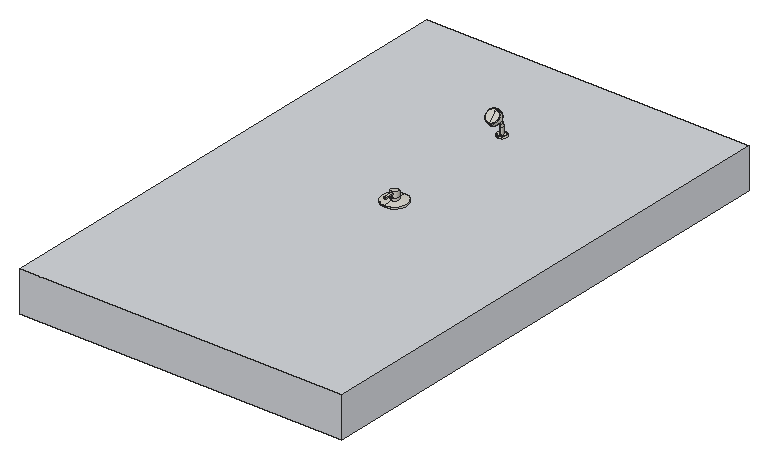
Revit family "Trim_Kit_Shower-GROHE-Concetto-35075_Series _copy", category Plumbing Fixtures, host Face, Revit 2014
Parameters (values of type "35075ENA")
  Width = 6 11/16"  # constant formula
  Waste Connection = no
  Warranty Documentation Link = "https://cdn.cloud.grohe.com/tpi/1000/1900/1940/1949/1949006/original/1949006.pdf"
  WFU = 2  # constant formula
  Vent Connection = no
  URL = "https://www.grohe.com"
  Type Comments = ""
  Tempered Connection Radius = Tempered Connection Diameter / 2  # 1/4"
  Tempered Connection Diameter = Hot Water Connection Diameter  # 1/2"
  Product Page URL = "https://www.grohe.ca/en_ca/grohe-concetto-shower-combination-35075ENA.html"
  Price = "Prices may vary. Please consult Manufacturer Representative for most up-to-date price list."  # constant formula
  Model = "35075ENA"
  Material = "Metal-Grohe-EN1-Brushed Nickel"
  Manufacturer = "Grohe"  # constant formula
  Length = 2 15/16"  # constant formula
  Installation Type = "Wall Mounted"  # constant formula
  Hot Water Connection Radius = Hot Water Connection Diameter / 2  # 1/4"
  Hot Water Connection Diameter = Cold Water Connection Diameter  # 1/2"
  Height = 40"  # constant formula
  HWFU = 1.5  # constant formula
  HW Connection = yes
  Flow Rate = "1.75 gpm (6.6 L/min)"  # constant formula
  Finish = Metal-Grohe-EN1-Brushed Nickel
  Description = "Concetto Pressure Balance Valve Shower Combination"  # constant formula
  Default Elevation = 39"  # constant formula
  Creation Date = "7/10/2019"  # constant formula
  Cold Water Connection Radius = 1/4"  # constant formula
  Cold Water Connection Diameter = Cold Water Connection Radius * 2  # 1/2"
  CWFU = 1.5  # constant formula
  CW Connection = yes
  Assembly Code = "D2010710"
  ADA Compliant = no
Types (2): name | Product Page URL | Model
  35075EN1 | "https://www.grohe.ca/en_ca/grohe-concetto-shower-combination-35075EN1.html" | "35075EN1"
  35075ENA | "https://www.grohe.ca/en_ca/grohe-concetto-shower-combination-35075ENA.html" | "35075ENA"
Reference planes (in)
  plane 1 "Center (Front/Back)": y = 0
  plane 2: z = 0
  plane 3 "Center (Left/Right)": x = 0
  plane 4: z = 2.68355
  plane 5: z = 2.23466
  plane 6: y = 40
  plane 7: z = 6.75
  plane 8: y = 36.5
  plane 9: z = 0.8125
Forms (in)
  Extrusion 1, solid
    sketch origin (0, 0, 0) x (1, 0, 0) y (0, 1, 0)
      loop
        line (-48, 72) -> (-48, -79.70833) -> (48, -79.70833) -> (48, 72) -> (-48, 72)
    from 0 to -12
  Revolve 2, solid, material "Metal-Grohe-EN1-Brushed Nickel" <- "Finish"
    sketch origin (0, 0, 0) x (0, 1, 0) y (0, 0, 1)
      loop
        line (1.11633, 1.4079) -> (1.025, 1.4079) -> (0.99546, 1.47124) -> (1.09216, 1.47124) -> (1.11633, 1.4954) -> (1.07948, 3.60602) -> (0, 3.60602) -> (0, 0) -> (1.11633, 0) -> (1.11633, 1.4079)
      axis (0, 3.60602) -> (0, 0)
    angle from 0 to 360
  Extrusion 3, void
    sketch origin (0, 0, 0) x (0, 1, 0) y (0, 0, 1)
      loop
        line (1.34438, 2.58954) -> (1.34438, 3.8541) -> (-1.40562, 3.8541) -> (-1.40562, 3.03645)
        arc (-1.40562, 3.03645) -> (-0.01538, 2.90676) -> (1.34438, 2.58954) r 10.26165
      loop
        line (-3.5915, 2.014) -> (-3.7242, 2.764) -> (-4.64455, 2.764) -> (-4.64455, 2.014) -> (-3.5915, 2.014)
    from -1.36469 to 1.35107
  Extrusion 4, solid, material "Metal-Grohe-EN1-Brushed Nickel" <- "Finish"
    sketch origin (0, 0, 0) x (1, 0, 0) y (0, 0, 1)
      loop
        circle (0, 2.4589) r 0.22424
    from 0 to 4.41223
  Revolve 5, solid, material "Metal-Grohe-EN1-Brushed Nickel" <- "Finish"
    sketch origin (0, 19.59538, 0) x (0, 1, 0) y (0, 0, 1)
      loop
        arc (21.70814, 0.36609) -> (21.68753, 0.39848) -> (21.65257, 0.41433) r 0.06732
        arc (21.65257, 0.41433) -> (21.03005, 0.4783) -> (20.40462, 0.49966) r 9.16753
        line (20.40462, 0.49966) -> (20.40462, 0) -> (21.81252, 0) -> (21.70814, 0.36609)
      axis (20.40462, 0.49966) -> (20.40462, 0)
    angle from 0 to 360
  Sweep 6, solid, material "Metal-Grohe-EN1-Brushed Nickel" <- "Finish"
    path origin (0, 19.59538, 0) x (0, 1, 0) y (0, 0, 1)
      loop
        line (20.40462, 0.18998) -> (20.40462, 2.61518)
        arc (20.40462, 2.61518) -> (20.28944, 3.1942) -> (19.96145, 3.68508) r 1.51306
        line (19.96145, 3.68508) -> (18.37046, 5.27607)
    profile origin (0, 40, 1.40258) x (0, -1, 0) y (1, 0, 0)
      loop
        circle (0, 0) r 0.42643
  Revolve 7, solid, material "Metal-Grohe-EN1-Brushed Nickel" <- "Finish"
    sketch origin (0, 19.59538, 0) x (0, 1, 0) y (0, 0, 1)
      loop
        line (16.89579, 6.75074) -> (18.38296, 5.26357) -> (18.71584, 5.59645)
        arc (18.71584, 5.59645) -> (18.72441, 5.61712) -> (18.71584, 5.63779) r 0.02923
        line (18.71584, 5.63779) -> (18.47074, 5.88289) -> (18.4353, 5.84745) -> (18.39897, 5.88378) -> (18.49176, 5.97657) -> (18.36374, 6.10459)
        arc (18.36374, 6.10459) -> (18.33334, 6.17635) -> (18.36141, 6.24905) r 0.10385
        line (18.36141, 6.24905) -> (19.19202, 7.13508)
        arc (19.19202, 7.13508) -> (19.21349, 7.18691) -> (19.19202, 7.23874) r 0.0733
        line (19.19202, 7.23874) -> (18.33294, 8.09783)
        arc (18.33294, 8.09783) -> (18.2879, 8.11648) -> (18.24287, 8.09783) r 0.06368
        line (18.24287, 8.09783) -> (16.89579, 6.75074)
      axis (18.38296, 5.26357) -> (16.89579, 6.75074)
    angle from 0 to 360
  Extrusion 8, solid, material "Metal-Grohe-EN1-Brushed Nickel" <- "Finish"
    sketch origin (0, 0, 0) x (1, 0, 0) y (0, 1, 0)
      loop
        circle (-0.54724, 0) r 0.25
      loop
        circle (0.54724, 0) r 0.25
    from 0 to 0.0625
  Extrusion 9, solid, material "Metal-Grohe-EN1-Brushed Nickel" <- "Finish"
    sketch origin (0, 0, 0) x (1, 0, 0) y (0, 1, 0)
      loop
        spline (0, -3.65625) -> (0.94631, -3.53167) -> (1.82813, -3.16641) -> (2.58536, -2.58536) -> (3.16641, -1.82813) -> (3.53167, -0.94631) -> (3.65625, 0) -> (3.53167, 0.94631) -> (3.16641, 1.82812) -> (2.58536, 2.58536) -> (1.82813, 3.16641) -> (0.94631, 3.53167) -> (0, 3.65625)
        spline (0, 3.65625) -> (-0.94631, 3.53167) -> (-1.82812, 3.16641) -> (-2.58536, 2.58536) -> (-3.16641, 1.82812) -> (-3.53167, 0.94631) -> (-3.65625, 0) -> (-3.53167, -0.94631) -> (-3.16641, -1.82813) -> (-2.58536, -2.58536) -> (-1.82812, -3.16641) -> (-0.94631, -3.53167) -> (0, -3.65625)
    from 0 to 0.8125
  Revolve 10, void
    sketch origin (0, 0, 0) x (0, 1, 0) y (0, 0, 1)
      loop
        line (0.9361, 0.90029) -> (0.9361, 0.75846)
        arc (0.9361, 0.75846) -> (2.39495, 0.5959) -> (3.8252, 0.26566) r 12.66715
        line (3.8252, 0.26566) -> (3.8252, 0.90029) -> (0.9361, 0.90029)
      axis (0, 0.26566) -> (0, 0.90029)
    angle from 0 to 360
Cuts and joins
  Extrusion 3 cuts Revolve 2
  Extrusion 3 cuts Extrusion 4
  Revolve 10 cuts Extrusion 9
  joined: Revolve 2, Extrusion 4, Revolve 5, Sweep 6, Extrusion 8, Extrusion 9
Lines and regions (in)
  Masking region 1
    outline origin (0, 0, 0) x (1, 0, 0) y (0, 0, 1)
      loop
        arc (3.65586, 0.33439) -> (2.40029, 0.59724) -> (1.12667, 0.75031) r 14.78995
        line (1.12667, 0.75031) -> (1.12667, 1.4079) -> (1.025, 1.4079) -> (0.99546, 1.47124) -> (1.09216, 1.47124) -> (1.11633, 1.4954) -> (1.0917, 2.90622)
        arc (1.0917, 2.90622) -> (1.08043, 2.92617) -> (1.06274, 2.94073) r 0.06262
        arc (1.06274, 2.94073) -> (0.99729, 2.96845) -> (0.92752, 2.98207) r 0.34233
        arc (0.92752, 2.98207) -> (0.78931, 2.99502) -> (0.65122, 3.00929) r 14.56391
        line (0.65122, 3.00929) -> (0.42643, 3.00929) -> (0.42643, 4.479)
        arc (0.42643, 4.479) -> (1.14476, 4.69878) -> (1.72866, 5.17141) r 1.97061
        arc (1.72866, 5.17141) -> (1.89404, 5.44237) -> (1.97163, 5.75019) r 1.05828
        line (1.97163, 5.75019) -> (1.97163, 6.68642)
        arc (1.97163, 6.68642) -> (1.86946, 7.15376) -> (1.58159, 7.53582) r 1.11991
        arc (1.58159, 7.53582) -> (0.04985, 8.10915) -> (-1.50405, 7.59889) r 2.46807
        arc (-1.50405, 7.59889) -> (-1.84228, 7.20163) -> (-1.96382, 6.69423) r 1.11991
        line (-1.96382, 6.69423) -> (-1.96382, 5.75019)
        arc (-1.96382, 5.75019) -> (-1.88623, 5.44237) -> (-1.72085, 5.17141) r 1.05828
        arc (-1.72085, 5.17141) -> (-1.14042, 4.70063) -> (-0.42643, 4.47984) r 1.97061
        line (-0.42643, 4.47984) -> (-0.42643, 3.00929) -> (-0.65122, 3.00929)
        arc (-0.65122, 3.00929) -> (-0.78931, 2.99502) -> (-0.92752, 2.98207) r 14.56391
        arc (-0.92752, 2.98207) -> (-0.99729, 2.96845) -> (-1.06274, 2.94073) r 0.34233
        arc (-1.06274, 2.94073) -> (-1.08043, 2.92617) -> (-1.0917, 2.90622) r 0.06262
        line (-1.0917, 2.90622) -> (-1.11633, 1.4954) -> (-1.09216, 1.47124) -> (-0.99546, 1.47124) -> (-1.025, 1.4079) -> (-1.12663, 1.4079) -> (-1.12663, 0.75026)
        arc (-1.12663, 0.75026) -> (-2.39989, 0.59719) -> (-3.65511, 0.33439) r 14.78995
        line (-3.65511, 0.33439) -> (-3.65511, 0) -> (3.65586, 0) -> (3.65586, 0.33439)
  symbolic lines, detail levels medium+fine
    curve 1: line (1.4079, 0, 0) -> (1.31289, 0, 0.32466)
    curve 2: arc (1.2164, 0, 0.40816) -> (0.82228, 0, 0.45481) -> (0.42643, 0, 0.48338) r 8.67483
    curve 3: line (0.42643, 0, 0.48338) -> (0.42643, 0, 3.00929)
    curve 4: line (-0.42643, 0, 0.48338) -> (-0.42643, 0, 3.00929)
    curve 5: line (-1.4079, 0, 0) -> (-1.33698, 0, 0.24236)
    curve 7: arc (-0.42643, 0, 0.48338) -> (-0.77866, 0, 0.45885) -> (-1.12959, 0, 0.42001) r 8.67483
    curve 36: line (0.42643, 0, 4.48887) -> (0.42643, 0, 5.27607)
    curve 37: line (-0.42643, 0, 4.48887) -> (-0.42643, 0, 5.27607)
  symbolic lines, detail levels fine
    curve 6: arc (0.42643, 0, 0.48338) -> (0, 0, 0.49387) -> (-0.42643, 0, 0.48338) r 8.67483
    curve 8: line (1.025, 0, 1.4079) -> (0.42643, 0, 1.4079)
    curve 9: line (0.99546, 0, 1.47124) -> (0.42643, 0, 1.47124)
    curve 10: line (0.65122, 0, 3.00929) -> (0.42643, 0, 3.00929)
    curve 11: line (-1.025, 0, 1.4079) -> (-0.42643, 0, 1.4079)
    curve 12: line (-0.99546, 0, 1.47124) -> (-0.42643, 0, 1.47124)
    curve 13: line (-0.65122, 0, 3.00929) -> (-0.42643, 0, 3.00929)
    curve 14: spline (0, 0, 5.88289) -> (0.06526, 0, 5.87987) -> (0.12941, 0, 5.87085) -> (0.19134, 0, 5.85598) -> (0.25, 0, 5.83553) -> (0.30438, 0, 5.80983) -> (0.35355, 0, 5.77934) -> (0.39668, 0, 5.74457) -> (0.43301, 0, 5.70612) -> (0.46194, 0, 5.66464) -> (0.48296, 0, 5.62085) -> (0.49572, 0, 5.57549) -> (0.5, 0, 5.52934)
    curve 15: spline (0, 0, 5.97657) -> (0.10144, 0, 5.97027) -> (0.19976, 0, 5.95153) -> (0.29195, 0, 5.92095) -> (0.37517, 0, 5.87946) -> (0.44687, 0, 5.82834) -> (0.50485, 0, 5.76915) -> (0.54733, 0, 5.70371) -> (0.57301, 0, 5.63403) -> (0.58108, 0, 5.56226) -> (0.57132, 0, 5.49058) -> (0.54401, 0, 5.42122) -> (0.5, 0, 5.35629)
    curve 16: line (0.5811, 0, 5.56567) -> (0.5811, 0, 5.73658)
    curve 17: arc (0.5811, 0, 5.73658) -> (0.35669, 0, 6.03061) -> (0, 0, 6.12854) r 0.57841
    curve 18: line (0.5, 0, 5.52934) -> (0.5, 0, 5.26369)
    curve 19: arc (-0.5811, 0, 5.73658) -> (-0.35669, 0, 6.03061) -> (0, 0, 6.12854) r 0.57841
    curve 20: spline (0, 0, 5.88289) -> (-0.06526, 0, 5.87987) -> (-0.12941, 0, 5.87085) -> (-0.19134, 0, 5.85598) -> (-0.25, 0, 5.83553) -> (-0.30438, 0, 5.80983) -> (-0.35355, 0, 5.77934) -> (-0.39668, 0, 5.74457) -> (-0.43301, 0, 5.70612) -> (-0.46194, 0, 5.66464) -> (-0.48296, 0, 5.62085) -> (-0.49572, 0, 5.57549) -> (-0.5, 0, 5.52934)
    curve 21: spline (0, 0, 5.97657) -> (-0.10144, 0, 5.97027) -> (-0.19976, 0, 5.95153) -> (-0.29195, 0, 5.92095) -> (-0.37517, 0, 5.87946) -> (-0.44687, 0, 5.82834) -> (-0.50485, 0, 5.76915) -> (-0.54733, 0, 5.70371) -> (-0.57301, 0, 5.63403) -> (-0.58108, 0, 5.56226) -> (-0.57132, 0, 5.49058) -> (-0.54401, 0, 5.42122) -> (-0.5, 0, 5.35629)
    curve 22: line (-0.5, 0, 5.52934) -> (-0.5, 0, 5.26369)
    curve 23: line (-0.5811, 0, 5.56567) -> (-0.5811, 0, 5.73658)
    curve 24: arc (0.5, 0, 5.26369) -> (0.47503, 0, 5.17495) -> (0.42643, 0, 5.0966) r 0.32933
    curve 25: spline (0.42643, 0, 5.27607) -> (0.4119, 0, 5.35411) -> (0.3693, 0, 5.42683) -> (0.30153, 0, 5.48928) -> (0.21322, 0, 5.5372) -> (0.11037, 0, 5.56732) -> (0, 0, 5.5776) -> (-0.11037, 0, 5.56732) -> (-0.21322, 0, 5.5372) -> (-0.30153, 0, 5.48928) -> (-0.3693, 0, 5.42683) -> (-0.4119, 0, 5.35411) -> (-0.42643, 0, 5.27607)
    curve 26: arc (-0.5, 0, 5.26369) -> (-0.47503, 0, 5.17495) -> (-0.42643, 0, 5.0966) r 0.32933
    curve 27: spline (0, 0, 7.13508) -> (0.45587, 0, 7.09574) -> (0.88498, 0, 6.98003) -> (1.26214, 0, 6.79473) -> (1.5652, 0, 6.55074) -> (1.77637, 0, 6.26236) -> (1.88326, 0, 5.94654) -> (1.8796, 0, 5.62181) -> (1.76559, 0, 5.30723) -> (1.54793, 0, 5.02128) -> (1.23939, 0, 4.78074) -> (0.8581, 0, 4.59972) -> (0.42643, 0, 4.48887)
    curve 28: spline (-0.42643, 0, 4.48887) -> (-0.8581, 0, 4.59972) -> (-1.23939, 0, 4.78074) -> (-1.54793, 0, 5.02128) -> (-1.76559, 0, 5.30723) -> (-1.8796, 0, 5.62181) -> (-1.88326, 0, 5.94654) -> (-1.77637, 0, 6.26236) -> (-1.5652, 0, 6.55074) -> (-1.26214, 0, 6.79473) -> (-0.88498, 0, 6.98003) -> (-0.45587, 0, 7.09574) -> (0, 0, 7.13508)
    curve 29: arc (1.31289, 0, 0.32466) -> (1.27694, 0, 0.38062) -> (1.2164, 0, 0.40816) r 0.11774
    curve 30: arc (-1.12959, 0, 0.42001) -> (-1.25968, 0, 0.362) -> (-1.33698, 0, 0.24236) r 0.25
    curve 31: line (1.11633, 0, 0.74761) -> (0.42643, 0, 0.74761)
    curve 32: line (-1.11633, 0, 0.74761) -> (-0.42643, 0, 0.74761)
    curve 33: arc (1.0917, 0, 2.90622) -> (1.08585, 0, 2.88483) -> (1.07139, 0, 2.86801) r 0.05045
    curve 34: arc (1.07139, 0, 2.86801) -> (0.9726, 0, 2.80912) -> (0.86398, 0, 2.7713) r 0.5688
    curve 35: arc (0.86398, 0, 2.7713) -> (0.64629, 0, 2.72576) -> (0.42643, 0, 2.6923) r 4.03197
    curve 38: arc (-1.07139, 0, 2.86801) -> (-0.9726, 0, 2.80912) -> (-0.86398, 0, 2.7713) r 0.5688
    curve 39: arc (-0.86398, 0, 2.7713) -> (-0.64629, 0, 2.72576) -> (-0.42643, 0, 2.6923) r 4.03197
Dimensions and locks (in)
  plane 1 "Center (Front/Back)" to plane 6 = 40"
  plane 7 to Extrusion 1 = 6 3/4"
  plane 6 to plane 8 = 3 1/2"
  plane 9 to Extrusion 1 = 13/16"
  "Hot Water Connection Diameter": diameter of Extrusion 8 sketch curve
  "Cold Water Connection Diameter": diameter of Extrusion 8 sketch curve
  aligned and locked: plane 2 to Extrusion 1
  aligned and locked: level to Extrusion 1
  aligned and locked: plane 9 to Extrusion 9
  aligned and locked: Revolve 10 sketch curve to plane 1 "Center (Front/Back)"
Automatic sketch dimensions
  Extrusion 1 sketch curve to Extrusion 1 sketch curve = 96"
  Extrusion 1 sketch curve to Extrusion 1 sketch curve = 151.70833"
  plane 4 to Extrusion 3 sketch curve = 0.08044"
  plane 1 "Center (Front/Back)" to Extrusion 3 sketch curve = 4.64455"
  Extrusion 3 sketch curve to Extrusion 3 sketch curve = 0.92035"
  Extrusion 3 sketch curve to plane 5 = 0.22066"
  Extrusion 3 sketch curve to Extrusion 3 sketch curve = 0.1327"
  plane 1 "Center (Front/Back)" to Extrusion 3 sketch curve = 1.66147"
  plane 1 "Center (Front/Back)" to Extrusion 3 sketch curve = 1.40562"
  Extrusion 3 sketch curve to plane 4 = 0.09402"
  Extrusion 3 sketch curve to plane 1 "Center (Front/Back)" = 1.34438"
  Extrusion 3 sketch curve to level = 7.22201"
  plane 4 to Extrusion 3 sketch curve = 1.17055"
  Extrusion 4 sketch curve to plane 3 "Center (Left/Right)" = 0"
  plane 5 to Extrusion 4 sketch curve = 0.22424"
  Revolve 5 sketch curve to level = 0"  (x2)
  Revolve 5 sketch curve to plane 6 = 0"  (x3)
  level to Revolve 5 sketch curve = 0.34764"
  plane 6 to Revolve 5 sketch curve = 1.23879"
  level to Revolve 5 sketch curve = 0.36609"
  Revolve 5 sketch curve to Revolve 5 sketch curve = 0.06474"
  Revolve 5 sketch curve to Revolve 5 sketch curve = 0.10438"
  Revolve 5 sketch curve to Revolve 5 sketch curve = 8.66786"
  level to Revolve 5 sketch curve = 0.49966"
  Revolve 5 sketch curve to Revolve 5 sketch curve = 0.44101"
  Sweep 6 sketch curve to profile plane = 0"  (x2)
  plane 1 "Center (Front/Back)" to Extrusion 8 sketch curve = 0"  (x2)
  Extrusion 8 sketch curve to plane 3 "Center (Left/Right)" = 0.54724"
  plane 3 "Center (Left/Right)" to Extrusion 8 sketch curve = 0.54724"
  plane 7 to Revolve 7 sketch curve = 0.00074"
  plane 8 to Revolve 7 sketch curve = 0.00883"
  Revolve 7 sketch curve to plane 8 = 1.33826"
  Revolve 7 sketch curve to Revolve 7 sketch curve = 0.04503"  (x3)
  Revolve 7 sketch curve to plane 7 = 0.50095"
  Revolve 7 sketch curve to plane 8 = 1.45679"
  Revolve 7 sketch curve to plane 7 = 0.64541"
  Revolve 7 sketch curve to Revolve 7 sketch curve = 0.00233"
  Revolve 7 sketch curve to Revolve 7 sketch curve = 0.01922"
  Revolve 7 sketch curve to Revolve 7 sketch curve = 0.03523"
  Revolve 7 sketch curve to plane 7 = 0.90255"
  Revolve 7 sketch curve to Revolve 7 sketch curve = 0.03633"
  Revolve 7 sketch curve to Revolve 7 sketch curve = 0.07343"
  Revolve 7 sketch curve to plane 7 = 0.86711"
  Revolve 7 sketch curve to Revolve 7 sketch curve = 0.03544"
  Revolve 7 sketch curve to Revolve 7 sketch curve = 0.25987"
  Revolve 7 sketch curve to plane 7 = 1.15355"
  Revolve 7 sketch curve to Revolve 7 sketch curve = 0.02067"
  Revolve 7 sketch curve to plane 7 = 1.11221"
  plane 7 to Revolve 7 sketch curve = 0.43691"
  Revolve 7 sketch curve to Revolve 7 sketch curve = 0.85228"
  plane 7 to Revolve 7 sketch curve = 0.38508"
  Revolve 7 sketch curve to Revolve 7 sketch curve = 0.05183"
  plane 7 to Revolve 7 sketch curve = 0.48874"
  plane 8 to Revolve 7 sketch curve = 0.27003"
  Revolve 7 sketch curve to Revolve 7 sketch curve = 0.35355"  (x2)
  plane 7 to Revolve 7 sketch curve = 0.26195"
  Sweep 6 sketch curve to plane 6 = 0"
  Sweep 6 sketch curve to plane 6 = 0.44316"
  Sweep 6 sketch curve to plane 4 = 0.06837"
  Sweep 6 sketch curve to Sweep 6 sketch curve = 1.51306"
  Sweep 6 sketch curve to plane 6 = 2.03415"
  level to Sweep 6 sketch curve = 0.18998"
  Sweep 6 sketch curve to Sweep 6 sketch curve = 1.59099"
  Revolve 2 sketch curve to plane 1 "Center (Front/Back)" = 0"  (x2)
  Revolve 2 sketch curve to level = 0"
  Revolve 2 sketch curve to plane 1 "Center (Front/Back)" = 0.99546"
  Revolve 2 sketch curve to Revolve 2 sketch curve = 0.02953"
  Revolve 2 sketch curve to Revolve 2 sketch curve = 1.07948"
  Revolve 2 sketch curve to Revolve 2 sketch curve = 0.06716"
  Revolve 2 sketch curve to Revolve 2 sketch curve = 0.02417"  (x3)
  Revolve 2 sketch curve to plane 5 = 0.82675"
  Revolve 2 sketch curve to Revolve 2 sketch curve = 0.06333"
  Revolve 2 sketch curve to Revolve 2 sketch curve = 1/2"
  Revolve 2 sketch curve to Revolve 2 sketch curve = 1/4"
  plane 4 to Revolve 2 sketch curve = 0.92246"
  plane 1 "Center (Front/Back)" to Extrusion 9 sketch curve = 0"
  Extrusion 9 sketch curve to plane 3 "Center (Left/Right)" = 0"
  plane 1 "Center (Front/Back)" to Extrusion 9 sketch curve = 3 21/32"
  curve 2 to curve 6 = 0"  (x2)
  curve 2 to curve 7 = 0"  (x2)
  curve 6 to curve 7 = 0"  (x2)
  curve 5 to level = 0"
  curve 27 to plane 3 "Center (Left/Right)" = 0"
  curve 17 to plane 3 "Center (Left/Right)" = 0"
  curve 20 to plane 3 "Center (Left/Right)" = 0"
  curve 15 to plane 3 "Center (Left/Right)" = 0"
  curve 7 to plane 3 "Center (Left/Right)" = 0"
  curve 25 to plane 3 "Center (Left/Right)" = 0"
  curve 1 to level = 0"
  curve 19 to plane 3 "Center (Left/Right)" = 0.03325"
  curve 35 to plane 3 "Center (Left/Right)" = 0.07005"
  curve 26 to plane 3 "Center (Left/Right)" = 0.17362"
  curve 4 to plane 3 "Center (Left/Right)" = 0.42643"
  curve 37 to curve 26 = 0.25281"
  curve 22 to curve 37 = 0.07357"
  curve 23 to curve 20 = 0.0811"
  curve 38 to curve 4 = 0.30578"
  level to curve 30 = 0.17214"
  curve 30 to curve 7 = 0.67061"
  level to curve 5 = 0.24236"
  curve 5 to curve 30 = 0.23994"
  plane 3 "Center (Left/Right)" to curve 17 = 0.03325"
  plane 3 "Center (Left/Right)" to curve 39 = 0.07005"
  plane 3 "Center (Left/Right)" to curve 24 = 0.17362"
  plane 3 "Center (Left/Right)" to curve 10 = 0.42643"
  curve 25 to curve 18 = 0.07357"
  curve 18 to curve 16 = 0.0811"
  curve 3 to curve 34 = 0.30578"
  plane 4 to curve 33 = 0.22496"
  curve 34 to curve 33 = 0.30909"
  level to curve 29 = 0.29159"
  curve 3 to curve 29 = 0.77346"
  level to curve 1 = 0.32466"
  curve 29 to curve 1 = 0.113"
  curve 7 to level = 8.18096"
  curve 3 to plane 9 = 0.32912"
  plane 4 to curve 4 = 0.32574"
  plane 4 to curve 3 = 0.32574"
  curve 10 to curve 34 = 0.31533"
  curve 13 to curve 38 = 0.31533"
  curve 34 to curve 36 = 1.16425"
  curve 37 to curve 27 = 0"
  curve 36 to curve 18 = 0.77482"
  curve 28 to curve 22 = 0.77482"
  curve 26 to curve 37 = 0.01238"
  curve 25 to curve 26 = 0.03159"
  curve 25 to curve 24 = 0.03159"
  curve 37 to curve 22 = 0.25327"
  curve 25 to curve 18 = 0.25327"
  curve 14 to curve 17 = 0.02175"
  curve 14 to curve 19 = 0.02175"
  curve 18 to curve 16 = 0.20724"
  curve 19 to curve 39 = 0.56505"
  curve 35 to curve 39 = 0"
  curve 13 to curve 4 = 0.22479"
  plane 4 to curve 39 = 0.08774"
  curve 38 to curve 39 = 0"
  curve 12 to curve 12 = 0.56903"
  curve 11 to curve 12 = 0.02953"
  plane 4 to curve 38 = 0.18446"
  curve 32 to plane 9 = 0.06489"
  curve 7 to curve 32 = 0.01327"
  curve 5 to curve 30 = 0.07093"
  curve 27 to curve 19 = 1.31435"
  curve 28 to curve 27 = 0"
  curve 3 to curve 10 = 0.22479"
  plane 4 to curve 34 = 0.08774"
  curve 35 to curve 34 = 0"
  curve 9 to curve 9 = 0.56903"
  curve 9 to curve 8 = 0.02953"
  curve 33 to curve 34 = 0"
  curve 34 to curve 33 = 0.02031"
  curve 31 to plane 9 = 0.06489"
  curve 31 to curve 2 = 0.10008"
  curve 1 to curve 1 = 0.09501"
  plane 9 to curve 8 = 0.5954"
  plane 9 to curve 11 = 0.5954"
  curve 8 to curve 9 = 0.06333"
  curve 11 to curve 12 = 0.06333"
  curve 24 to curve 15 = 0.0926"
  curve 22 to curve 21 = 0.0926"
  curve 19 to curve 21 = 0.01459"
  curve 23 to curve 21 = 0"
  curve 16 to curve 15 = 0"
  curve 27 to curve 15 = 0.18178"
  curve 27 to curve 20 = 0.0881"
  Masking region 1 sketch curve to Masking region 1 sketch curve = 0"  (x6)
  Masking region 1 sketch curve to level = 0"
  level to Masking region 1 sketch curve = 0.33439"
  Masking region 1 sketch curve to plane 3 "Center (Left/Right)" = 3.65511"
  Masking region 1 sketch curve to plane 3 "Center (Left/Right)" = 2.21742"
  Masking region 1 sketch curve to plane 3 "Center (Left/Right)" = 1.96382"
  Masking region 1 sketch curve to plane 3 "Center (Left/Right)" = 1.12663"
  Masking region 1 sketch curve to Masking region 1 sketch curve = 0.01031"
  Masking region 1 sketch curve to Masking region 1 sketch curve = 0.02417"  (x4)
  plane 4 to Masking region 1 sketch curve = 57/256"  (x2)
  Masking region 1 sketch curve to plane 3 "Center (Left/Right)" = 1.0917"
  Masking region 1 sketch curve to Masking region 1 sketch curve = 0.05924"  (x2)
  Masking region 1 sketch curve to Masking region 1 sketch curve = 0.06716"  (x2)
  Masking region 1 sketch curve to Masking region 1 sketch curve = 0.02953"  (x2)
  Masking region 1 sketch curve to plane 3 "Center (Left/Right)" = 0.91045"
  Masking region 1 sketch curve to plane 4 = 0.04247"  (x2)
  Masking region 1 sketch curve to Masking region 1 sketch curve = 0.13526"  (x2)
  Masking region 1 sketch curve to plane 3 "Center (Left/Right)" = 0.84391"
  Masking region 1 sketch curve to Masking region 1 sketch curve = 0.38124"
  Masking region 1 sketch curve to Masking region 1 sketch curve = 0.22479"  (x2)
  Masking region 1 sketch curve to plane 3 "Center (Left/Right)" = 0.2118"
  Masking region 1 sketch curve to plane 3 "Center (Left/Right)" = 0.00059"
  plane 3 "Center (Left/Right)" to Masking region 1 sketch curve = 0.00037"
  plane 3 "Center (Left/Right)" to Masking region 1 sketch curve = 0.21962"
  plane 3 "Center (Left/Right)" to Masking region 1 sketch curve = 0.42643"
  Masking region 1 sketch curve to Masking region 1 sketch curve = 0.63211"
  Masking region 1 sketch curve to Masking region 1 sketch curve = 0.24598"
  Masking region 1 sketch curve to Masking region 1 sketch curve = 0.06654"
  plane 3 "Center (Left/Right)" to Masking region 1 sketch curve = 0.99546"
  Masking region 1 sketch curve to Masking region 1 sketch curve = 0.03451"
  Masking region 1 sketch curve to Masking region 1 sketch curve = 1.05337"
  plane 3 "Center (Left/Right)" to Masking region 1 sketch curve = 2.21742"
  Masking region 1 sketch curve to Masking region 1 sketch curve = 2.52918"
  Masking region 1 sketch curve to level = 13.9967"
  Masking region 1 sketch curve to Masking region 1 sketch curve = 0.33439"
  plane 9 to Masking region 1 sketch curve = 0.5954"  (x2)
  Masking region 1 sketch curve to Masking region 1 sketch curve = 0.06333"  (x2)
  Masking region 1 sketch curve to Masking region 1 sketch curve = 0.0203"  (x2)
  plane 4 to Masking region 1 sketch curve = 0.32574"  (x2)
  Masking region 1 sketch curve to Masking region 1 sketch curve = 1.46971"
  Masking region 1 sketch curve to Masking region 1 sketch curve = 0.00084"
  Masking region 1 sketch curve to Masking region 1 sketch curve = 1.16175"
  Masking region 1 sketch curve to Masking region 1 sketch curve = 0.1086"  (x2)
  Masking region 1 sketch curve to Masking region 1 sketch curve = 0.2104"  (x2)
  Masking region 1 sketch curve to Masking region 1 sketch curve = 0.79714"
  Masking region 1 sketch curve to Masking region 1 sketch curve = 0.24769"
  Masking region 1 sketch curve to Masking region 1 sketch curve = 0.2555"
  Masking region 1 sketch curve to Masking region 1 sketch curve = 10.79451"
  Masking region 1 sketch curve to Masking region 1 sketch curve = 0.45977"
  Revolve 10 sketch curve to plane 1 "Center (Front/Back)" = 0.26505"
  Revolve 10 sketch curve to plane 9 = 0.05404"
  Revolve 10 sketch curve to plane 1 "Center (Front/Back)" = 0.9361"
  plane 9 to Revolve 10 sketch curve = 0.08779"  (x2)
  Revolve 10 sketch curve to Revolve 10 sketch curve = 2.8891"
  level to Revolve 10 sketch curve = 0.26566"
  Revolve 10 sketch curve to Revolve 10 sketch curve = 0.18588"
  radius of Extrusion 4 sketch curve = 0.22424"
  radius of Sweep 6 sketch curve = 0.42643"
Connectors (in)
  piping at (-0.54724, 0, 0), diameter 0.5, driven by "Hot Water Connection Diameter"
    settings: on Extrusion 8, index 3, connector inside diameter 24", connector length 0", flow factor 0, pipe flow 0 GPM, pressure drop 0.00 psi, fitting loss kfactor 0, connector angle 0.00°, fixture units 0, engagement length 0", angle of deflection 0.00°, flow configuration 3, flow direction 1, fitting loss method 0, system type 19, joint type 0, gender type 0, connector reference index -1, connector utility 0, adjustable connector no, is connector primary yes, connector description "1/2\" NPT HW Inlet"
  piping at (0.54724, 0, 0), diameter 0.5, driven by "Cold Water Connection Diameter"
    settings: on Extrusion 8, index 4, connector inside diameter 24", connector length 0", flow factor 0, pipe flow 0 GPM, pressure drop 0.00 psi, fitting loss kfactor 0, connector angle 0.00°, fixture units 0, engagement length 0", angle of deflection 0.00°, flow configuration 3, flow direction 1, fitting loss method 0, system type 20, joint type 0, gender type 0, connector reference index -1, connector utility 0, adjustable connector no, is connector primary no, connector description "1/2\" NPT CW Inlet"
